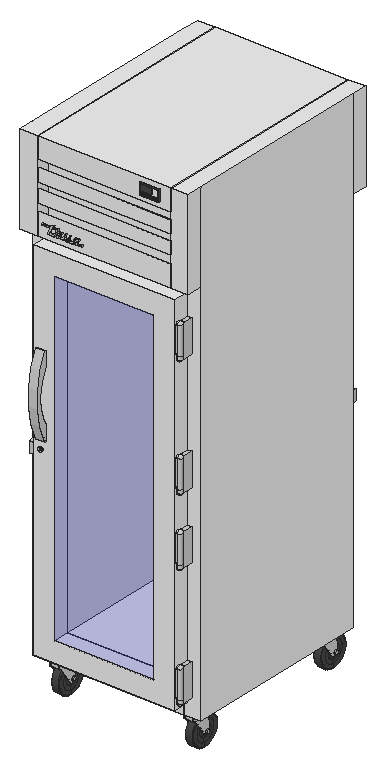
Revit family
Parameters
  Weight in Pounds = 0
  Watts = 1500 W
  Volts = 208 V
  URL Cutsheet = "www.truemfg.com"
  URL = "www.truemfg.com"
  Type Mark [instance] = ""
  Type Comments = ""
  Status [instance] = ""
  Specification by User [instance] = ""
  Specification by Manufacturer = ""
  Show Seismic Flanged [instance] = no
  Show Logo [instance] = yes
  Show Legs [instance] = no
  Show Clearance [instance] = yes
  Serial Number = ""
  Seismic Rating = ""
  Seismic Plate [instance] = and(Show Seismic Flanged, not(Show Casters))  # no
  SMACNA No = ""
  Revision Code [instance] = ""
  Phase = 1
  Omniclass Number and Title = ""
  Number of Poles [instance] = 1
  NAFEM Spec ID Number = ""
  Model = "STA1HPT-1G-1S"
  Min Ckt Ampacity = 0 A
  Max Overcurrent Protection = 0 A
  Masterspec = ""
  Manufacturer = "TRUE FOOD SERVICE EQUIPMENT, INC."
  Length = 27 1/2"
  Legs [instance] = or(Show Legs, Show Seismic Flanged)  # no
  Item Number [instance] = ""
  Installed By [instance] = ""
  Identify Quantity as Lot [instance] = yes
  Height = 77 3/4"
  HP = ""
  Furnished By [instance] = ""
  Foodservice Equipment Identifier [instance] = yes
  FL Amps = Watts / Volts  # 7.21154 A
  Electrical Remarks [instance] = ""
  Electric Connection Type [instance] = ""
  Elec Conn RI Height [instance] = 0"
  Elec Conn Connection Height [instance] = 0"
  Description = "Pass-thru Glass Front /Solid Rear Swing Door Heated Cabinet"
  Depth = 36 1/2"
  Cycle = 60 Hz
  Conn Plug = "5-15P"
  Conn Conduit = yes
  Show Casters [instance] = and(not(if(Show Legs, Show Legs, Show Legs)), not(if(Show Legs, Show Legs, Show Seismic Flanged)))  # yes
  CSI MasterFormat = ""
  CSI Master Format = ""
  Apparent Power = if(Phase = 3, Volts * FL Amps * 1.73, Volts * FL Amps)  # 1500 VA
Reference planes (in)
  plane 1: z = 0
  plane 2 "LEFT": x = 0
  plane 3 "RIGHT": x = 27.5
  plane 4 "FRONT": y = -33.75
  plane 5 "TOP": z = 84.125
  plane 6: z = 6.125
  plane 7: y = 2.75
Forms (in)
  Extrusion 1, solid, material "QF_Finishes_Chrome - Satin"
    sketch origin (0.05, 0, 0) x (1, 0, 0) y (0, 1, 0)
      loop
        line (-0.05, 0) -> (-0.05, -31) -> (2.80938, -31) -> (2.80938, 0) -> (-0.05, 0)
    from 6.125 to 84.125
  Extrusion 2, solid, material "QF_Finishes_Chrome - Satin"
    sketch origin (50.15, 0, 0) x (1, 0, 0) y (0, 1, 0)
      loop
        line (-25.50937, 0) -> (-25.50937, -31) -> (-22.65, -31) -> (-22.65, 0) -> (-25.50937, 0)
    from 6.125 to 84.125
  Extrusion 3, solid, material "QF_Finishes_Chrome - Satin"
    sketch origin (0, 0, 0) x (0, 1, 0) y (0, 0, 1)
      loop
        line (-33.5625, 69.5) -> (-31, 69.5) -> (-31, 64.875) -> (0, 64.875) -> (0, 69.5) -> (2.5625, 69.5) -> (2.5625, 73.1597) -> (0.49784, 71.69166) -> (0.49784, 72.96723) -> (2.5625, 74.43527) -> (2.5625, 76.53148) -> (0.49784, 75.06344) -> (0.49784, 76.0242) -> (2.5625, 77.49224) -> (2.5625, 79.62595) -> (0.49784, 78.15791) -> (0.49784, 79.28018) -> (2.5625, 80.74822) -> (2.5625, 84.125) -> (-33.5625, 84.125) -> (-33.5625, 80.68002) -> (-31.5, 79.21352) -> (-31.5, 78.09125) -> (-33.5625, 79.55776) -> (-33.5625, 77.42405) -> (-31.5, 75.95754) -> (-31.5, 74.99678) -> (-33.5625, 76.46328) -> (-33.5625, 74.36708) -> (-31.5, 72.90057) -> (-31.5, 71.625) -> (-33.5625, 73.09151) -> (-33.5625, 69.5)
      loop
        line (-31, 6.125) -> (0, 6.125) -> (0, 8.94743) -> (-31, 8.94743) -> (-31, 6.125)
    from 2.85938 to 24.64062
  Extrusion 4, solid, material "QF_Finishes_Chrome - Satin"
    sketch origin (0, 0, 0) x (1, 0, 0) y (0, 1, 0)
      loop
        line (27.45312, -31) -> (24.64062, -31) -> (24.64062, -33.5625) -> (27.45312, -33.5625) -> (27.45312, -31)
    from 69.5 to 84.125
  Extrusion 5, solid, material "QF_Finishes_Chrome - Satin"
    sketch origin (-50.125, 0, 0.25) x (1, 0, 0) y (0, 1, 0)
      loop
        line (52.98437, -31) -> (50.17188, -31) -> (50.17188, -33.5625) -> (52.98437, -33.5625) -> (52.98437, -31)
    from 69.25 to 83.875
  Extrusion 6, solid, material "QF_Finishes_Handrails and Railings", visible <- "Show Logo"
    sketch origin (0.33478, 1.08173, -6.73143) x (1, 0, 0) y (0, 0, 1)
      loop
        line (3.46044, 78.46231) -> (3.35478, 78.23573) -> (4.76027, 78.23573)
        arc (4.76027, 78.23573) -> (4.78879, 78.18528) -> (4.76027, 78.13484) r 0.05887
        line (4.76027, 78.13484) -> (4.39369, 77.34872)
        arc (4.39369, 77.34872) -> (4.39051, 77.27591) -> (4.43975, 77.22217) r 0.09523
        line (4.43975, 77.22217) -> (5.33844, 77.22217)
        arc (5.33844, 77.22217) -> (5.45192, 77.25795) -> (5.52436, 77.35235) r 0.19785
        line (5.52436, 77.35235) -> (5.81285, 77.97101) -> (6.0779, 77.97101)
        arc (6.0779, 77.97101) -> (6.14744, 77.94543) -> (6.13737, 77.87203) r 0.05911
        line (6.13737, 77.87203) -> (5.89598, 77.35437)
        arc (5.89598, 77.35437) -> (5.89974, 77.2684) -> (5.97231, 77.22217) r 0.09318
        line (5.97231, 77.22217) -> (6.76198, 77.22217)
        arc (6.76198, 77.22217) -> (6.82249, 77.24419) -> (6.85468, 77.29995) r 0.09412
        arc (6.85468, 77.29995) -> (6.87746, 77.24495) -> (6.93246, 77.22217) r 0.07778
        line (6.93246, 77.22217) -> (7.43246, 77.22217)
        arc (7.43246, 77.22217) -> (7.49022, 77.23765) -> (7.53251, 77.27993) r 0.11552
        arc (7.53251, 77.27993) -> (7.55275, 77.23106) -> (7.60162, 77.21081) r 0.06912
        line (7.60162, 77.21081) -> (8.31225, 77.21081)
        arc (8.31225, 77.21081) -> (8.37034, 77.23488) -> (8.39441, 77.29297) r 0.08216
        arc (8.39441, 77.29297) -> (8.44767, 77.23972) -> (8.52042, 77.22022) r 0.14551
        line (8.52042, 77.22022) -> (9.85158, 77.22022) -> (9.99946, 77.47634) -> (8.65678, 77.47634)
        arc (8.65678, 77.47634) -> (8.61972, 77.50204) -> (8.61834, 77.54711) r 0.05009
        line (8.61834, 77.54711) -> (8.64157, 77.59692)
        arc (8.64157, 77.59692) -> (8.67723, 77.64364) -> (8.73327, 77.66135) r 0.09747
        line (8.73327, 77.66135) -> (9.16485, 77.66135)
        arc (9.16485, 77.66135) -> (9.258, 77.68631) -> (9.32619, 77.7545) r 0.1863
        line (9.32619, 77.7545) -> (9.45119, 77.97101)
        arc (9.45119, 77.97101) -> (9.45119, 78.08657) -> (9.35111, 78.14434) r 0.11556
        line (9.35111, 78.14434) -> (8.89562, 78.14434)
        arc (8.89562, 78.14434) -> (8.7795, 78.12462) -> (8.69849, 78.03912) r 0.18605
        line (8.69849, 78.03912) -> (8.48204, 77.57493)
        arc (8.48204, 77.57493) -> (8.41815, 77.49167) -> (8.31806, 77.46011) r 0.1745
        line (8.31806, 77.46011) -> (7.84559, 77.46011)
        arc (7.84559, 77.46011) -> (7.78903, 77.52184) -> (7.79268, 77.60548) r 0.10939
        line (7.79268, 77.60548) -> (8.04395, 78.14434) -> (7.88403, 78.14434) -> (7.61781, 77.57344)
        arc (7.61781, 77.57344) -> (7.56609, 77.50603) -> (7.48505, 77.48048) r 0.14128
        line (7.48505, 77.48048) -> (7.15925, 77.48048)
        arc (7.15925, 77.48048) -> (7.10419, 77.55223) -> (7.116, 77.64189) r 0.11816
        line (7.116, 77.64189) -> (7.3503, 78.14434) -> (7.18514, 78.14434) -> (6.91546, 77.566)
        arc (6.91546, 77.566) -> (6.85285, 77.50339) -> (6.76733, 77.48048) r 0.17104
        line (6.76733, 77.48048) -> (6.29555, 77.48048)
        arc (6.29555, 77.48048) -> (6.21082, 77.51999) -> (6.20267, 77.61313) r 0.0935
        line (6.20267, 77.61313) -> (6.35774, 77.94569) -> (6.57695, 77.94569)
        arc (6.57695, 77.94569) -> (6.61395, 78.05717) -> (6.69267, 78.14434) r 0.2857
        line (6.69267, 78.14434) -> (5.83605, 78.14434)
        arc (5.83605, 78.14434) -> (5.74086, 78.12324) -> (5.67498, 78.05135) r 0.16212
        line (5.67498, 78.05135) -> (5.44279, 77.55341)
        arc (5.44279, 77.55341) -> (5.3894, 77.50002) -> (5.31647, 77.48048) r 0.14586
        line (5.31647, 77.48048) -> (4.80506, 77.48048)
        arc (4.80506, 77.48048) -> (4.76514, 77.53442) -> (4.77274, 77.60109) r 0.09155
        line (4.77274, 77.60109) -> (5.11018, 78.23573) -> (5.96155, 78.23573) -> (6.06721, 78.46231) -> (5.21584, 78.46231) -> (5.32149, 78.68888) -> (5.01862, 78.68888) -> (4.91297, 78.46231) -> (3.46044, 78.46231)
      loop
        arc (8.83805, 77.93863) -> (8.80119, 77.92875) -> (8.7742, 77.90176) r 0.07373
        line (8.7742, 77.90176) -> (8.75229, 77.83436)
        arc (8.75229, 77.83436) -> (8.76245, 77.80983) -> (8.78699, 77.79966) r 0.0347
        line (8.78699, 77.79966) -> (9.15948, 77.79966)
        arc (9.15948, 77.79966) -> (9.18632, 77.80561) -> (9.20812, 77.82234) r 0.0635
        line (9.20812, 77.82234) -> (9.22624, 77.90622)
        arc (9.22624, 77.90622) -> (9.22091, 77.92868) -> (9.20009, 77.93863) r 0.02676
        line (9.20009, 77.93863) -> (8.83805, 77.93863)
    from 34.64423 to 34.83173
  Extrusion 7, solid
    sketch origin (-25.125, 2.6875, 0) x (1, 0, 0) y (0, 0, 1)
      loop
        circle (49.375, 82) r 0.25
    from 0.23221 to 0.125
  Blend 8, solid, material "QF_Finishes_Handrails and Railings"
    base sketch origin (27.53125, 0.1875, -0.03527) x (-1, 0, 0) y (0, 0, -1)
      loop
        line (25.25, -38.99169) -> (26, -38.99169) -> (26, -37.24169) -> (25.25, -37.24169) -> (25.25, -38.99169)
    top sketch origin (27.53125, 0.1875, -0.03527) x (-1, 0, 0) y (0, 0, -1)
      loop
        line (26.18223, -36.6441) -> (25.25, -36.6441) -> (25.25, -39.42643) -> (26.18223, -39.42643) -> (26.18223, -36.6441)
    from 33.57883 to 31.1875
  Extrusion 9, solid, material "QF_Finishes_Handrails and Railings"
    sketch origin (26.21875, 0.1875, 0) x (0, 1, 0) y (0, 0, -1)
      loop
        line (-31.1875, -64.55229) -> (-31.1875, -59.23627) -> (-33.25, -59.23627) -> (-33.25, -59.94848) -> (-32.81497, -59.94848) -> (-32.81497, -64.34776)
        arc (-32.81497, -64.34776) -> (-32.75506, -64.49238) -> (-32.61044, -64.55229) r 0.20453
        line (-32.61044, -64.55229) -> (-31.1875, -64.55229)
    from 0.17506 to 1
  Revolve 10, solid, material "QF_Finishes_Handrails and Railings"
    sketch origin (25.71875, 0.1875, 0) x (0, 1, 0) y (0, 0, -1)
      loop
        line (-33.26563, -60.00189) -> (-33.67229, -60.00189) -> (-33.67229, -64.4736)
        arc (-33.67229, -64.4736) -> (-33.53722, -64.72557) -> (-33.26563, -64.81483) r 0.3848
        line (-33.26563, -64.81483) -> (-33.26563, -60.00189)
      loop
        line (-33.26563, -59.94848) -> (-33.26563, -59.04781)
        arc (-33.26563, -59.04781) -> (-33.53264, -59.13383) -> (-33.67229, -59.37712) r 0.38884
        line (-33.67229, -59.37712) -> (-33.67229, -59.94848) -> (-33.26563, -59.94848)
      axis (-33.26563, -59.04781) -> (-33.26563, -64.81483)
    angle from 0 to 360
  Extrusion 11, solid, material "QF_Finishes_Handrails and Railings"
    sketch origin (27.53125, 0.1875, 0) x (-1, 0, 0) y (0, 0, -1)
      loop
        line (1.91491, -64.4736) -> (2.3125, -64.4736) -> (2.3125, -60.00079) -> (1.91491, -60.00079) -> (1.91491, -64.4736)
    from 32.81497 to 33.59495
  Extrusion 12, solid, material "QF_Finishes_Handrails and Railings"
    sketch origin (26.21875, 0.1875, -19.5) x (0, 1, 0) y (0, 0, -1)
      loop
        line (-31.1875, -64.55229) -> (-31.1875, -59.23627) -> (-33.25, -59.23627) -> (-33.25, -59.94848) -> (-32.81497, -59.94848) -> (-32.81497, -64.34776)
        arc (-32.81497, -64.34776) -> (-32.75506, -64.49238) -> (-32.61044, -64.55229) r 0.20453
        line (-32.61044, -64.55229) -> (-31.1875, -64.55229)
    from 0.17506 to 1
  Revolve 13, solid, material "QF_Finishes_Handrails and Railings"
    sketch origin (25.71875, 0.1875, -19.5) x (0, 1, 0) y (0, 0, -1)
      loop
        line (-33.26563, -60.00189) -> (-33.67229, -60.00189) -> (-33.67229, -64.4736)
        arc (-33.67229, -64.4736) -> (-33.53722, -64.72557) -> (-33.26563, -64.81483) r 0.3848
        line (-33.26563, -64.81483) -> (-33.26563, -60.00189)
      loop
        line (-33.26563, -59.94848) -> (-33.26563, -59.04781)
        arc (-33.26563, -59.04781) -> (-33.53264, -59.13383) -> (-33.67229, -59.37712) r 0.38884
        line (-33.67229, -59.37712) -> (-33.67229, -59.94848) -> (-33.26563, -59.94848)
      axis (-33.26563, -59.04781) -> (-33.26563, -64.81483)
    angle from 0 to 360
  Extrusion 14, solid, material "QF_Finishes_Handrails and Railings"
    sketch origin (27.53125, 0.1875, -19.5) x (-1, 0, 0) y (0, 0, -1)
      loop
        line (1.91491, -64.4736) -> (2.3125, -64.4736) -> (2.3125, -60.00079) -> (1.91491, -60.00079) -> (1.91491, -64.4736)
    from 32.81497 to 33.59495
  Extrusion 15, solid, material "QF_Finishes_Handrails and Railings"
    sketch origin (26.21875, 0.1875, -30.5) x (0, 1, 0) y (0, 0, -1)
      loop
        line (-31.1875, -64.55229) -> (-31.1875, -59.23627) -> (-33.25, -59.23627) -> (-33.25, -59.94848) -> (-32.81497, -59.94848) -> (-32.81497, -64.34776)
        arc (-32.81497, -64.34776) -> (-32.75506, -64.49238) -> (-32.61044, -64.55229) r 0.20453
        line (-32.61044, -64.55229) -> (-31.1875, -64.55229)
    from 0.17506 to 1
  Revolve 16, solid, material "QF_Finishes_Handrails and Railings"
    sketch origin (25.71875, 0.1875, -30.5) x (0, 1, 0) y (0, 0, -1)
      loop
        line (-33.26563, -60.00189) -> (-33.67229, -60.00189) -> (-33.67229, -64.4736)
        arc (-33.67229, -64.4736) -> (-33.53722, -64.72557) -> (-33.26563, -64.81483) r 0.3848
        line (-33.26563, -64.81483) -> (-33.26563, -60.00189)
      loop
        line (-33.26563, -59.94848) -> (-33.26563, -59.04781)
        arc (-33.26563, -59.04781) -> (-33.53264, -59.13383) -> (-33.67229, -59.37712) r 0.38884
        line (-33.67229, -59.37712) -> (-33.67229, -59.94848) -> (-33.26563, -59.94848)
      axis (-33.26563, -59.04781) -> (-33.26563, -64.81483)
    angle from 0 to 360
  Extrusion 17, solid, material "QF_Finishes_Handrails and Railings"
    sketch origin (27.53125, 0.1875, -30.5) x (-1, 0, 0) y (0, 0, -1)
      loop
        line (1.91491, -64.4736) -> (2.3125, -64.4736) -> (2.3125, -60.00079) -> (1.91491, -60.00079) -> (1.91491, -64.4736)
    from 32.81497 to 33.59495
  Extrusion 18, solid, material "QF_Finishes_Handrails and Railings"
    sketch origin (26.21875, 0.1875, -50.25) x (0, 1, 0) y (0, 0, -1)
      loop
        line (-31.1875, -64.55229) -> (-31.1875, -59.23627) -> (-33.25, -59.23627) -> (-33.25, -59.94848) -> (-32.81497, -59.94848) -> (-32.81497, -64.34776)
        arc (-32.81497, -64.34776) -> (-32.75506, -64.49238) -> (-32.61044, -64.55229) r 0.20453
        line (-32.61044, -64.55229) -> (-31.1875, -64.55229)
    from 0.17506 to 1
  Revolve 19, solid, material "QF_Finishes_Handrails and Railings"
    sketch origin (25.71875, 0.1875, -50.25) x (0, 1, 0) y (0, 0, -1)
      loop
        line (-33.26563, -60.00189) -> (-33.67229, -60.00189) -> (-33.67229, -64.4736)
        arc (-33.67229, -64.4736) -> (-33.53722, -64.72557) -> (-33.26563, -64.81483) r 0.3848
        line (-33.26563, -64.81483) -> (-33.26563, -60.00189)
      loop
        line (-33.26563, -59.94848) -> (-33.26563, -59.04781)
        arc (-33.26563, -59.04781) -> (-33.53264, -59.13383) -> (-33.67229, -59.37712) r 0.38884
        line (-33.67229, -59.37712) -> (-33.67229, -59.94848) -> (-33.26563, -59.94848)
      axis (-33.26563, -59.04781) -> (-33.26563, -64.81483)
    angle from 0 to 360
  Extrusion 20, solid, material "QF_Finishes_Handrails and Railings"
    sketch origin (27.53125, 0.1875, -50.25) x (-1, 0, 0) y (0, 0, -1)
      loop
        line (1.91491, -64.4736) -> (2.3125, -64.4736) -> (2.3125, -60.00079) -> (1.91491, -60.00079) -> (1.91491, -64.4736)
    from 32.81497 to 33.59495
  Revolve 21, solid, material "QF_Finishes_Black", visible <- "Show Casters"
    sketch origin (22.65625, -27.375, 0) x (1, 0, 0) y (0, 0, 1)
      loop
        line (1.475, 5) -> (1.375, 4.9) -> (1.375, 4.29941) -> (1.53601, 4.29941) -> (1.53601, 3.54941) -> (1.375, 3.54941) -> (1.375, 2.79941) -> (0.975, 2.79941) -> (0.975, 2.5) -> (3.025, 2.5) -> (3.025, 2.79941) -> (2.62908, 2.79941) -> (2.62908, 3.54941) -> (2.46399, 3.54941) -> (2.46399, 4.29941) -> (2.62908, 4.29941) -> (2.62908, 4.89592) -> (2.525, 5) -> (1.475, 5)
      axis (3.025, 2.5) -> (0.975, 2.5)
    angle from 0 to 360
  Extrusion 22, solid, material "QF_Finishes_Handrails and Railings", visible <- "Show Casters"
    sketch origin (22.65625, 0, 0) x (0, 1, 0) y (0, 0, 1)
      loop
        line (-29.95136, 5.48574) -> (-29.95136, 4.88089) -> (-29.70136, 4.88089) -> (-27.95216, 2.18736)
        arc (-27.95216, 2.18736) -> (-27.23883, 1.94868) -> (-26.84581, 2.59003) r 0.60416
        line (-26.84581, 2.59003) -> (-27.20136, 5.48574) -> (-29.95136, 5.48574)
      loop
        line (-3.8577, 5.48574) -> (-3.8577, 4.88089) -> (-3.6077, 4.88089) -> (-1.8585, 2.18736)
        arc (-1.8585, 2.18736) -> (-1.14517, 1.94868) -> (-0.75215, 2.59003) r 0.60416
        line (-0.75215, 2.59003) -> (-1.1077, 5.48574) -> (-3.8577, 5.48574)
    from 1.175 to 1.325
  Extrusion 23, solid, material "QF_Finishes_Handrails and Railings", visible <- "Show Casters"
    sketch origin (24.15625, 0, 0) x (0, 1, 0) y (0, 0, 1)
      loop
        line (-29.95136, 5.48574) -> (-29.95136, 4.88089) -> (-29.70136, 4.88089) -> (-27.95216, 2.18736)
        arc (-27.95216, 2.18736) -> (-27.23883, 1.94868) -> (-26.84581, 2.59003) r 0.60416
        line (-26.84581, 2.59003) -> (-27.20136, 5.48574) -> (-29.95136, 5.48574)
      loop
        line (-3.8577, 5.48574) -> (-3.8577, 4.88089) -> (-3.6077, 4.88089) -> (-1.8585, 2.18736)
        arc (-1.8585, 2.18736) -> (-1.14517, 1.94868) -> (-0.75215, 2.59003) r 0.60416
        line (-0.75215, 2.59003) -> (-1.1077, 5.48574) -> (-3.8577, 5.48574)
    from 1.175 to 1.325
  Revolve 24, solid, material "QF_Finishes_Chrome - Satin", visible <- "Show Casters"
    sketch origin (22.65625, -28.57636, -0.5) x (1, 0, 0) y (0, 0, 1)
      loop
        line (2, 5.98574) -> (2, 6.625) -> (0.70293, 6.625) -> (0.70293, 5.98574) -> (2, 5.98574)
      axis (2, 5.98574) -> (2, 6.625)
    angle from 0 to 360
  Revolve 25, solid, material "QF_Finishes_Chrome - Satin", visible <- "Legs"
    sketch origin (22.65625, -2.69102, 0) x (1, 0, 0) y (0, 0, 1)
      loop
        line (2, 6.125) -> (0.66662, 6.125) -> (1.25, 1) -> (1.5, 1) -> (1.5, 0) -> (2, 0) -> (2, 6.125)
      axis (2, 0) -> (2, 6.125)
    angle from 0 to 360
  Revolve 26, solid, material "QF_Finishes_Chrome - Satin", visible <- "Legs"
    sketch origin (22.65625, -28.65977, 0) x (1, 0, 0) y (0, 0, 1)
      loop
        line (2, 6.125) -> (0.66662, 6.125) -> (1.25, 1) -> (1.5, 1) -> (1.5, 0) -> (2, 0) -> (2, 6.125)
      axis (2, 0) -> (2, 6.125)
    angle from 0 to 360
  Revolve 27, solid, material "QF_Finishes_Chrome - Satin", visible <- "Show Casters"
    sketch origin (22.65625, -2.4827, -0.5) x (1, 0, 0) y (0, 0, 1)
      loop
        line (2, 5.98574) -> (2, 6.625) -> (0.70293, 6.625) -> (0.70293, 5.98574) -> (2, 5.98574)
      axis (2, 5.98574) -> (2, 6.625)
    angle from 0 to 360
  Extrusion 28, solid, material "QF_Finishes_Handrails and Railings", visible <- "Show Casters"
    sketch origin (-25.125, 0, 0) x (0, 1, 0) y (0, 0, 1)
      loop
        line (-29.95136, 5.48574) -> (-29.95136, 4.88089) -> (-29.70136, 4.88089) -> (-27.16533, 5.19227) -> (-27.20136, 5.48574) -> (-29.95136, 5.48574)
      loop
        line (-3.8577, 5.48574) -> (-3.8577, 4.88089) -> (-3.6077, 4.88089) -> (-1.07167, 5.19227) -> (-1.1077, 5.48574) -> (-3.8577, 5.48574)
    from 49.10625 to 50.45625
  Revolve 29, solid, material "QF_Finishes_Black", visible <- "Show Casters"
    sketch origin (22.65625, -1.21875, 0) x (1, 0, 0) y (0, 0, 1)
      loop
        line (1.475, 5) -> (1.375, 4.9) -> (1.375, 4.29941) -> (1.53601, 4.29941) -> (1.53601, 3.54941) -> (1.375, 3.54941) -> (1.375, 2.79941) -> (0.975, 2.79941) -> (0.975, 2.5) -> (3.025, 2.5) -> (3.025, 2.79941) -> (2.62908, 2.79941) -> (2.62908, 3.54941) -> (2.46399, 3.54941) -> (2.46399, 4.29941) -> (2.62908, 4.29941) -> (2.62908, 4.89592) -> (2.525, 5) -> (1.475, 5)
      axis (3.025, 2.5) -> (0.975, 2.5)
    angle from 0 to 360
  Revolve 30, solid, material "QF_Finishes_Black", visible <- "Show Casters"
    sketch origin (0.84375, -27.375, 0) x (1, 0, 0) y (0, 0, 1)
      loop
        line (1.475, 5) -> (1.375, 4.9) -> (1.375, 4.29941) -> (1.53601, 4.29941) -> (1.53601, 3.54941) -> (1.375, 3.54941) -> (1.375, 2.79941) -> (0.975, 2.79941) -> (0.975, 2.5) -> (3.025, 2.5) -> (3.025, 2.79941) -> (2.62908, 2.79941) -> (2.62908, 3.54941) -> (2.46399, 3.54941) -> (2.46399, 4.29941) -> (2.62908, 4.29941) -> (2.62908, 4.89592) -> (2.525, 5) -> (1.475, 5)
      axis (3.025, 2.5) -> (0.975, 2.5)
    angle from 0 to 360
  Extrusion 31, solid, material "QF_Finishes_Handrails and Railings", visible <- "Show Casters"
    sketch origin (0.84375, 0, 0) x (0, 1, 0) y (0, 0, 1)
      loop
        line (-29.95136, 5.48574) -> (-29.95136, 4.88089) -> (-29.70136, 4.88089) -> (-27.95216, 2.18736)
        arc (-27.95216, 2.18736) -> (-27.23883, 1.94868) -> (-26.84581, 2.59003) r 0.60416
        line (-26.84581, 2.59003) -> (-27.20136, 5.48574) -> (-29.95136, 5.48574)
      loop
        line (-3.8577, 5.48574) -> (-3.8577, 4.88089) -> (-3.6077, 4.88089) -> (-1.8585, 2.18736)
        arc (-1.8585, 2.18736) -> (-1.14517, 1.94868) -> (-0.75215, 2.59003) r 0.60416
        line (-0.75215, 2.59003) -> (-1.1077, 5.48574) -> (-3.8577, 5.48574)
    from 1.175 to 1.325
  Extrusion 32, solid, material "QF_Finishes_Handrails and Railings", visible <- "Show Casters"
    sketch origin (2.34375, 0, 0) x (0, 1, 0) y (0, 0, 1)
      loop
        line (-29.95136, 5.48574) -> (-29.95136, 4.88089) -> (-29.70136, 4.88089) -> (-27.95216, 2.18736)
        arc (-27.95216, 2.18736) -> (-27.23883, 1.94868) -> (-26.84581, 2.59003) r 0.60416
        line (-26.84581, 2.59003) -> (-27.20136, 5.48574) -> (-29.95136, 5.48574)
      loop
        line (-3.8577, 5.48574) -> (-3.8577, 4.88089) -> (-3.6077, 4.88089) -> (-1.8585, 2.18736)
        arc (-1.8585, 2.18736) -> (-1.14517, 1.94868) -> (-0.75215, 2.59003) r 0.60416
        line (-0.75215, 2.59003) -> (-1.1077, 5.48574) -> (-3.8577, 5.48574)
    from 1.175 to 1.325
  Revolve 33, solid, material "QF_Finishes_Chrome - Satin", visible <- "Show Casters"
    sketch origin (0.84375, -28.57636, -0.5) x (1, 0, 0) y (0, 0, 1)
      loop
        line (2, 5.98574) -> (2, 6.625) -> (0.70293, 6.625) -> (0.70293, 5.98574) -> (2, 5.98574)
      axis (2, 5.98574) -> (2, 6.625)
    angle from 0 to 360
  Revolve 34, solid, material "QF_Finishes_Chrome - Satin", visible <- "Legs"
    sketch origin (0.84375, -2.69102, 0) x (1, 0, 0) y (0, 0, 1)
      loop
        line (2, 6.125) -> (0.66662, 6.125) -> (1.25, 1) -> (1.5, 1) -> (1.5, 0) -> (2, 0) -> (2, 6.125)
      axis (2, 0) -> (2, 6.125)
    angle from 0 to 360
  Revolve 35, solid, material "QF_Finishes_Chrome - Satin", visible <- "Legs"
    sketch origin (0.84375, -28.65977, 0) x (1, 0, 0) y (0, 0, 1)
      loop
        line (2, 6.125) -> (0.66662, 6.125) -> (1.25, 1) -> (1.5, 1) -> (1.5, 0) -> (2, 0) -> (2, 6.125)
      axis (2, 0) -> (2, 6.125)
    angle from 0 to 360
  Revolve 36, solid, material "QF_Finishes_Chrome - Satin", visible <- "Show Casters"
    sketch origin (0.84375, -2.4827, -0.5) x (1, 0, 0) y (0, 0, 1)
      loop
        line (2, 5.98574) -> (2, 6.625) -> (0.70293, 6.625) -> (0.70293, 5.98574) -> (2, 5.98574)
      axis (2, 5.98574) -> (2, 6.625)
    angle from 0 to 360
  Extrusion 37, solid, material "QF_Finishes_Handrails and Railings", visible <- "Show Casters"
    sketch origin (-46.9375, 0, 0) x (0, 1, 0) y (0, 0, 1)
      loop
        line (-29.95136, 5.48574) -> (-29.95136, 4.88089) -> (-29.70136, 4.88089) -> (-27.16533, 5.19227) -> (-27.20136, 5.48574) -> (-29.95136, 5.48574)
      loop
        line (-3.8577, 5.48574) -> (-3.8577, 4.88089) -> (-3.6077, 4.88089) -> (-1.07167, 5.19227) -> (-1.1077, 5.48574) -> (-3.8577, 5.48574)
    from 49.10625 to 50.45625
  Revolve 38, solid, material "QF_Finishes_Black", visible <- "Show Casters"
    sketch origin (0.84375, -1.21875, 0) x (1, 0, 0) y (0, 0, 1)
      loop
        line (1.475, 5) -> (1.375, 4.9) -> (1.375, 4.29941) -> (1.53601, 4.29941) -> (1.53601, 3.54941) -> (1.375, 3.54941) -> (1.375, 2.79941) -> (0.975, 2.79941) -> (0.975, 2.5) -> (3.025, 2.5) -> (3.025, 2.79941) -> (2.62908, 2.79941) -> (2.62908, 3.54941) -> (2.46399, 3.54941) -> (2.46399, 4.29941) -> (2.62908, 4.29941) -> (2.62908, 4.89592) -> (2.525, 5) -> (1.475, 5)
      axis (3.025, 2.5) -> (0.975, 2.5)
    angle from 0 to 360
  Extrusion 39, solid, material "QF_Finishes_Chrome - Satin"
    sketch origin (0, -31.375, 0) x (1, 0, 0) y (0, 1, 0)
      loop
        line (27.45312, 31.375) -> (27.45312, 33.9375) -> (24.64062, 33.9375) -> (24.64062, 31.375) -> (27.45312, 31.375)
    from 69.5 to 84.125
  Extrusion 40, solid, material "QF_Finishes_Chrome - Satin"
    sketch origin (-50.125, -31, 0.25) x (1, 0, 0) y (0, 1, 0)
      loop
        line (52.98437, 31) -> (52.98437, 33.5625) -> (50.17188, 33.5625) -> (50.17188, 31) -> (52.98437, 31)
    from 69.25 to 83.875
  Extrusion 41, solid, material "QF_Finishes_Handrails and Railings"
    sketch origin (1.28125, -31.17295, 0) x (0, -1, 0) y (0, 0, -1)
      loop
        line (-31.17295, -64.55229) -> (-31.17295, -59.23627) -> (-33.25, -59.23627) -> (-33.25, -59.94848) -> (-32.81497, -59.94848) -> (-32.81497, -64.34776)
        arc (-32.81497, -64.34776) -> (-32.75506, -64.49238) -> (-32.61044, -64.55229) r 0.20453
        line (-32.61044, -64.55229) -> (-31.17295, -64.55229)
    from 0.17506 to 1
  Revolve 42, solid, material "QF_Finishes_Handrails and Railings"
    sketch origin (1.78125, -31.17295, 0) x (0, -1, 0) y (0, 0, -1)
      loop
        line (-33.26563, -60.00189) -> (-33.67229, -60.00189) -> (-33.67229, -64.4736)
        arc (-33.67229, -64.4736) -> (-33.53722, -64.72557) -> (-33.26563, -64.81483) r 0.3848
        line (-33.26563, -64.81483) -> (-33.26563, -60.00189)
      loop
        line (-33.26563, -59.94848) -> (-33.26563, -59.04781)
        arc (-33.26563, -59.04781) -> (-33.53264, -59.13383) -> (-33.67229, -59.37712) r 0.38884
        line (-33.67229, -59.37712) -> (-33.67229, -59.94848) -> (-33.26563, -59.94848)
      axis (-33.26563, -59.04781) -> (-33.26563, -64.81483)
    angle from 0 to 360
  Extrusion 43, solid, material "QF_Finishes_Handrails and Railings"
    sketch origin (-0.03125, -31.17295, 0) x (1, 0, 0) y (0, 0, -1)
      loop
        line (1.91491, -64.4736) -> (2.3125, -64.4736) -> (2.3125, -60.00079) -> (1.91491, -60.00079) -> (1.91491, -64.4736)
    from 32.81497 to 33.59495
  Extrusion 44, solid, material "QF_Finishes_Handrails and Railings"
    sketch origin (1.28125, -31.17295, -19.5) x (0, -1, 0) y (0, 0, -1)
      loop
        line (-31.17295, -64.55229) -> (-31.17295, -59.23627) -> (-33.25, -59.23627) -> (-33.25, -59.94848) -> (-32.81497, -59.94848) -> (-32.81497, -64.34776)
        arc (-32.81497, -64.34776) -> (-32.75506, -64.49238) -> (-32.61044, -64.55229) r 0.20453
        line (-32.61044, -64.55229) -> (-31.17295, -64.55229)
    from 0.17506 to 1
  Revolve 45, solid, material "QF_Finishes_Handrails and Railings"
    sketch origin (1.78125, -31.17295, -19.5) x (0, -1, 0) y (0, 0, -1)
      loop
        line (-33.26563, -60.00189) -> (-33.67229, -60.00189) -> (-33.67229, -64.4736)
        arc (-33.67229, -64.4736) -> (-33.53722, -64.72557) -> (-33.26563, -64.81483) r 0.3848
        line (-33.26563, -64.81483) -> (-33.26563, -60.00189)
      loop
        line (-33.26563, -59.94848) -> (-33.26563, -59.04781)
        arc (-33.26563, -59.04781) -> (-33.53264, -59.13383) -> (-33.67229, -59.37712) r 0.38884
        line (-33.67229, -59.37712) -> (-33.67229, -59.94848) -> (-33.26563, -59.94848)
      axis (-33.26563, -59.04781) -> (-33.26563, -64.81483)
    angle from 0 to 360
  Extrusion 46, solid, material "QF_Finishes_Handrails and Railings"
    sketch origin (-0.03125, -31.17295, -19.5) x (1, 0, 0) y (0, 0, -1)
      loop
        line (1.91491, -64.4736) -> (2.3125, -64.4736) -> (2.3125, -60.00079) -> (1.91491, -60.00079) -> (1.91491, -64.4736)
    from 32.81497 to 33.59495
  Extrusion 47, solid, material "QF_Finishes_Handrails and Railings"
    sketch origin (1.28125, -31.17295, -30.5) x (0, -1, 0) y (0, 0, -1)
      loop
        line (-31.17295, -64.55229) -> (-31.17295, -59.23627) -> (-33.25, -59.23627) -> (-33.25, -59.94848) -> (-32.81497, -59.94848) -> (-32.81497, -64.34776)
        arc (-32.81497, -64.34776) -> (-32.75506, -64.49238) -> (-32.61044, -64.55229) r 0.20453
        line (-32.61044, -64.55229) -> (-31.17295, -64.55229)
    from 0.17506 to 1
  Revolve 48, solid, material "QF_Finishes_Handrails and Railings"
    sketch origin (1.78125, -31.17295, -30.5) x (0, -1, 0) y (0, 0, -1)
      loop
        line (-33.26563, -60.00189) -> (-33.67229, -60.00189) -> (-33.67229, -64.4736)
        arc (-33.67229, -64.4736) -> (-33.53722, -64.72557) -> (-33.26563, -64.81483) r 0.3848
        line (-33.26563, -64.81483) -> (-33.26563, -60.00189)
      loop
        line (-33.26563, -59.94848) -> (-33.26563, -59.04781)
        arc (-33.26563, -59.04781) -> (-33.53264, -59.13383) -> (-33.67229, -59.37712) r 0.38884
        line (-33.67229, -59.37712) -> (-33.67229, -59.94848) -> (-33.26563, -59.94848)
      axis (-33.26563, -59.04781) -> (-33.26563, -64.81483)
    angle from 0 to 360
  Extrusion 49, solid, material "QF_Finishes_Handrails and Railings"
    sketch origin (-0.03125, -31.17295, -30.5) x (1, 0, 0) y (0, 0, -1)
      loop
        line (1.91491, -64.4736) -> (2.3125, -64.4736) -> (2.3125, -60.00079) -> (1.91491, -60.00079) -> (1.91491, -64.4736)
    from 32.81497 to 33.59495
  Extrusion 50, solid, material "QF_Finishes_Handrails and Railings"
    sketch origin (1.28125, -31.17295, -50.25) x (0, -1, 0) y (0, 0, -1)
      loop
        line (-31.17295, -64.55229) -> (-31.17295, -59.23627) -> (-33.25, -59.23627) -> (-33.25, -59.94848) -> (-32.81497, -59.94848) -> (-32.81497, -64.34776)
        arc (-32.81497, -64.34776) -> (-32.75506, -64.49238) -> (-32.61044, -64.55229) r 0.20453
        line (-32.61044, -64.55229) -> (-31.17295, -64.55229)
    from 0.17506 to 1
  Revolve 51, solid, material "QF_Finishes_Handrails and Railings"
    sketch origin (1.78125, -31.17295, -50.25) x (0, -1, 0) y (0, 0, -1)
      loop
        line (-33.26563, -60.00189) -> (-33.67229, -60.00189) -> (-33.67229, -64.4736)
        arc (-33.67229, -64.4736) -> (-33.53722, -64.72557) -> (-33.26563, -64.81483) r 0.3848
        line (-33.26563, -64.81483) -> (-33.26563, -60.00189)
      loop
        line (-33.26563, -59.94848) -> (-33.26563, -59.04781)
        arc (-33.26563, -59.04781) -> (-33.53264, -59.13383) -> (-33.67229, -59.37712) r 0.38884
        line (-33.67229, -59.37712) -> (-33.67229, -59.94848) -> (-33.26563, -59.94848)
      axis (-33.26563, -59.04781) -> (-33.26563, -64.81483)
    angle from 0 to 360
  Extrusion 52, solid, material "QF_Finishes_Handrails and Railings"
    sketch origin (-0.03125, -31.17295, -50.25) x (1, 0, 0) y (0, 0, -1)
      loop
        line (1.91491, -64.4736) -> (2.3125, -64.4736) -> (2.3125, -60.00079) -> (1.91491, -60.00079) -> (1.91491, -64.4736)
    from 32.81497 to 33.59495
  Blend 53, solid, material "QF_Finishes_Handrails and Railings"
    base sketch origin (-0.03125, -31.17295, 0.48974) x (1, 0, 0) y (0, 0, -1)
      loop
        line (25.25, -38.99169) -> (26, -38.99169) -> (26, -37.24169) -> (25.25, -37.24169) -> (25.25, -38.99169)
    top sketch origin (-0.03125, -31.17295, 0.48974) x (1, 0, 0) y (0, 0, -1)
      loop
        line (26.18223, -36.6441) -> (25.25, -36.6441) -> (25.25, -39.42643) -> (26.18223, -39.42643) -> (26.18223, -36.6441)
    from 33.57883 to 31.17295
  Extrusion 54, solid, material "QF_Finishes_White"
    sketch origin (-23.16691, 1.06376, 1.58022) x (1, 0, 0) y (0, 0, 1)
      loop
        line (42.94232, 81.73227) -> (42.94232, 79.98496) -> (45.84857, 79.98496) -> (45.84857, 81.73227) -> (42.94232, 81.73227)
    from 34.62626 to 34.72001
  Extrusion 55, solid, material "QF_Finishes_Black"
    sketch origin (-23.16691, 1.06376, 1.58022) x (1, 0, 0) y (0, 0, 1)
      loop
        line (45.91107, 81.79477) -> (42.87982, 81.79477) -> (42.87982, 79.92246) -> (45.91107, 79.92246) -> (45.91107, 81.79477)
      loop
        spline (43.07982, 80.25372) -> (43.08833, 80.23754) -> (43.11331, 80.22247) -> (43.15304, 80.20952) -> (43.20482, 80.19959) -> (43.26511, 80.19335) -> (43.32982, 80.19122) -> (43.39452, 80.19335) -> (43.45482, 80.19959) -> (43.50659, 80.20952) -> (43.54632, 80.22247) -> (43.5713, 80.23754) -> (43.57982, 80.25372)
        spline (43.57982, 80.25372) -> (43.5713, 80.26989) -> (43.54632, 80.28497) -> (43.50659, 80.29791) -> (43.45482, 80.30784) -> (43.39452, 80.31409) -> (43.32982, 80.31622) -> (43.26511, 80.31409) -> (43.20482, 80.30784) -> (43.15304, 80.29791) -> (43.11331, 80.28497) -> (43.08833, 80.26989) -> (43.07982, 80.25372)
      loop
        spline (43.77583, 80.25372) -> (43.78435, 80.23754) -> (43.80932, 80.22247) -> (43.84905, 80.20952) -> (43.90083, 80.19959) -> (43.96112, 80.19335) -> (44.02583, 80.19122) -> (44.09053, 80.19335) -> (44.15083, 80.19959) -> (44.20261, 80.20952) -> (44.24234, 80.22247) -> (44.26731, 80.23754) -> (44.27583, 80.25372)
        spline (44.27583, 80.25372) -> (44.26731, 80.26989) -> (44.24234, 80.28497) -> (44.20261, 80.29791) -> (44.15083, 80.30784) -> (44.09053, 80.31409) -> (44.02583, 80.31622) -> (43.96112, 80.31409) -> (43.90083, 80.30784) -> (43.84905, 80.29791) -> (43.80932, 80.28497) -> (43.78435, 80.26989) -> (43.77583, 80.25372)
      loop
        spline (44.52583, 80.25372) -> (44.53435, 80.23754) -> (44.55932, 80.22247) -> (44.59905, 80.20952) -> (44.65083, 80.19959) -> (44.71112, 80.19335) -> (44.77583, 80.19122) -> (44.84053, 80.19335) -> (44.90083, 80.19959) -> (44.95261, 80.20952) -> (44.99234, 80.22247) -> (45.01731, 80.23754) -> (45.02583, 80.25372)
        spline (45.02583, 80.25372) -> (45.01731, 80.26989) -> (44.99234, 80.28497) -> (44.95261, 80.29791) -> (44.90083, 80.30784) -> (44.84053, 80.31409) -> (44.77583, 80.31622) -> (44.71112, 80.31409) -> (44.65083, 80.30784) -> (44.59905, 80.29791) -> (44.55932, 80.28497) -> (44.53435, 80.26989) -> (44.52583, 80.25372)
      loop
        line (43.07981, 81.59478) -> (43.07981, 80.59478) -> (44.77933, 80.59478) -> (44.77933, 81.59478) -> (43.07981, 81.59478)
      loop
        line (45.84857, 81.73227) -> (42.94232, 81.73227) -> (42.94232, 79.98496) -> (45.84857, 79.98496) -> (45.84857, 81.73227)
      loop
        spline (45.27583, 80.25372) -> (45.28435, 80.23754) -> (45.30932, 80.22247) -> (45.34905, 80.20952) -> (45.40083, 80.19959) -> (45.46112, 80.19335) -> (45.52583, 80.19122) -> (45.59053, 80.19335) -> (45.65083, 80.19959) -> (45.70261, 80.20952) -> (45.74234, 80.22247) -> (45.76731, 80.23754) -> (45.77583, 80.25372)
        spline (45.77583, 80.25372) -> (45.76731, 80.26989) -> (45.74234, 80.28497) -> (45.70261, 80.29791) -> (45.65083, 80.30784) -> (45.59053, 80.31409) -> (45.52583, 80.31622) -> (45.46112, 80.31409) -> (45.40083, 80.30784) -> (45.34905, 80.29791) -> (45.30932, 80.28497) -> (45.28435, 80.26989) -> (45.27583, 80.25372)
    from 34.62626 to 34.81376
  Extrusion 56, solid, material "QF_Finishes_Door Clearance", visible <- "Show Clearance", detail levels coarse
    sketch origin (26.42841, -3.6098, 0) x (1, 0, 0) y (0, 1, 0)
      loop
        line (-1.20966, -29.9527) -> (-24.14716, -29.9527)
        arc (-24.14716, -29.9527) -> (-17.47008, -46.2405) -> (-1.20966, -52.98395) r 22.91074
        line (-1.20966, -52.98395) -> (-1.20966, -29.9527)
      loop
        line (-24.14716, 6.1723) -> (-1.20966, 6.1723)
        arc (-1.20966, 6.1723) -> (-7.88967, 22.45717) -> (-24.14716, 29.20355) r 22.92064
        line (-24.14716, 29.20355) -> (-24.14716, 6.1723)
    from 8.03125 to 67.96875
  Extrusion 57, solid, material "QF_Finishes_Chrome - Satin"
    sketch origin (-25.125, -31, -0.71875) x (1, 0, 0) y (0, 0, -1)
      loop
        line (27.40625, -68.6875) -> (50.34375, -68.6875) -> (50.34375, -8.75) -> (27.40625, -8.75) -> (27.40625, -68.6875)
    from 31 to 33.5625
  Extrusion 58, solid, material "QF_Finishes_Chrome - Satin"
    sketch origin (-25.125, 0.1417, -0.71875) x (1, 0, 0) y (0, 0, 1)
      loop
        line (27.40625, 8.75) -> (50.34375, 8.75) -> (50.34375, 68.6875) -> (27.40625, 68.6875) -> (27.40625, 8.75)
      loop
        line (30.75, 65.34375) -> (30.75, 12.09375) -> (47, 12.09375) -> (47, 65.34375) -> (30.75, 65.34375)
    from 31.1417 to 33.7042
  Extrusion 59, solid, material "Glass"
    sketch origin (-25.125, 0.1417, -0.71875) x (1, 0, 0) y (0, 0, 1)
      loop
        line (47, 65.34375) -> (30.75, 65.34375) -> (30.75, 12.09375) -> (47, 12.09375) -> (47, 65.34375)
    from 31.1417 to 33.7042
  Extrusion 60, solid, material "QF_Finishes_Handrails and Railings"
    sketch origin (-33.325, -30.9375, 26.37269) x (-1, 0, 0) y (0, -1, 0)
      loop
        line (-53.875, -33.5) -> (-53.875, -33.7122)
        arc (-53.875, -33.7122) -> (-47.075, -35.15625) -> (-40.275, -33.7122) r 16.7325
        line (-40.275, -33.7122) -> (-40.275, -33.5) -> (-42.65351, -33.5)
        arc (-42.65351, -33.5) -> (-47.075, -34.67036) -> (-51.49649, -33.5) r 8.93715
        line (-51.49649, -33.5) -> (-53.875, -33.5)
    from 10.87731 to 12.37731
  Extrusion 61, solid, material "QF_Finishes_Handrails and Railings"
    sketch origin (50.875, -31.19658, -2.0625) x (-1, 0, 0) y (0, 0, 1)
      loop
        circle (26.4375, 40.0625) r 0.35
      loop
        line (26.47265, 40.33635) -> (26.41715, 40.33635) -> (26.41715, 39.76895) -> (26.47265, 39.76895) -> (26.47265, 40.33635)
    from 33.75908 to 33.82158
  Extrusion 62, solid, material "QF_Finishes_Handrails and Railings"
    sketch origin (-8.15856, 0.3125, 93.525) x (0, 1, 0) y (0, 0, 1)
      loop
        line (-33.875, -53.59776) -> (-33.875, -51.21182)
        arc (-33.875, -51.21182) -> (-35.04878, -46.93638) -> (-33.875, -42.66095) r 8.37343
        line (-33.875, -42.66095) -> (-33.875, -40.275) -> (-34.08333, -40.275)
        arc (-34.08333, -40.275) -> (-35.53125, -46.93638) -> (-34.08333, -53.59776) r 16.04729
        line (-34.08333, -53.59776) -> (-33.875, -53.59776)
    from 10.87731 to 12.37731
  Extrusion 63, solid, material "QF_Finishes_Handrails and Railings"
    sketch origin (-23.0625, 0.17368, -1.51026) x (1, 0, 0) y (0, 0, 1)
      loop
        circle (26.4375, 40.0625) r 0.35
      loop
        line (26.47265, 40.33635) -> (26.41715, 40.33635) -> (26.41715, 39.76895) -> (26.47265, 39.76895) -> (26.47265, 40.33635)
    from 33.73618 to 33.79868
  Extrusion 64, solid, material "QF_Finishes_Chrome - Satin", visible <- "Seismic Plate"
    sketch origin (-0.22541, -26.96562, 0) x (1, 0, 0) y (0, 1, 0)
      loop
        circle (3.06916, -1.69416) r 1.5
    from 0 to 0.25
  Extrusion 65, solid, material "QF_Finishes_Chrome - Satin", visible <- "Seismic Plate"
    sketch origin (-0.22541, -0.99687, 0) x (1, 0, 0) y (0, 1, 0)
      loop
        circle (3.06916, -1.69416) r 1.5
    from 0 to 0.25
  Extrusion 66, solid, material "QF_Finishes_Chrome - Satin", visible <- "Seismic Plate"
    sketch origin (21.58709, -0.99687, 0) x (1, 0, 0) y (0, 1, 0)
      loop
        circle (3.06916, -1.69416) r 1.5
    from 0 to 0.25
  Extrusion 67, solid, material "QF_Finishes_Chrome - Satin", visible <- "Seismic Plate"
    sketch origin (21.58709, -26.96562, 0) x (1, 0, 0) y (0, 1, 0)
      loop
        circle (3.06916, -1.69416) r 1.5
    from 0 to 0.25
Cuts and joins
  joined: Extrusion 1, Extrusion 2, Extrusion 4, Extrusion 5, Extrusion 39, Extrusion 40
Lines and regions (in)
  symbolic lines
    curve 1: line (0, 0, 0) -> (27.5, 0, 0)
    curve 2: line (0, -33.5625, 0) -> (0, 2.5625, 0)
    curve 3: line (27.5, -33.5625, 0) -> (0, -33.5625, 0)
    curve 4: line (27.5, 2.5625, 0) -> (27.5, -33.5625, 0)
    curve 5: line (27.5, -31, 0) -> (0, -31, 0)
    curve 7: line (0, 2.5625, 0) -> (27.5, 2.5625, 0)
    curve 8: line (3.68957, -33.75, 0) -> (10.33424, -33.75, 0)
    curve 9: line (3.68957, -33.5625, 0) -> (3.68957, -33.75, 0)
    curve 10: line (10.33424, -33.5625, 0) -> (10.33424, -33.75, 0)
    curve 11: line (19.7129, -33.5625, 0) -> (19.7129, -33.75, 0)
    curve 12: line (22.74415, -33.75, 0) -> (22.74415, -33.5625, 0)
    curve 13: line (19.7129, -33.75, 0) -> (22.74415, -33.75, 0)
    curve 14: line (23.81043, 2.75, 0) -> (17.16576, 2.75, 0)
    curve 15: line (23.81043, 2.5625, 0) -> (23.81043, 2.75, 0)
    curve 16: line (17.16576, 2.5625, 0) -> (17.16576, 2.75, 0)
    curve 36: arc (20.55, 2.7747, 0) -> (13.75, 4.21875, 0) -> (6.95, 2.7747, 0) r 16.7325
    curve 37: arc (9.32851, 2.5625, 0) -> (13.55281, 3.73068, 0) -> (17.82454, 2.75, 0) r 8.93715
    curve 38: line (6.95, 2.7747, 0) -> (6.95, 2.5625, 0)
    curve 39: line (4.21875, -35.21875, 0) -> (4.21875, -33.5625, 0)
    curve 40: line (4.21875, -35.21875, 0) -> (2.71875, -35.21875, 0)
    curve 41: line (2.71875, -35.21875, 0) -> (2.71875, -33.5625, 0)
    curve 42: line (2.71875, -33.77083, 0) -> (4.21875, -33.77083, 0)
  symbolic lines, style "QF_Door Swings", visible <- "Show Clearance", detail levels coarse
    curve 6: line (25.21875, -33.5625, 0) -> (25.21875, -56.59375, 0)
    curve 33: arc (25.21875, -56.59375, 0) -> (8.95833, -49.85029, 0) -> (2.28125, -33.5625, 0) r 22.91074
    curve 34: line (2.28125, 2.5625, 0) -> (2.28125, 25.59375, 0)
    curve 35: arc (2.28125, 25.59375, 0) -> (18.53874, 18.84737, 0) -> (25.21875, 2.5625, 0) r 22.92064
  symbolic lines, style "SpecialityEquipmentHiddenLines", visible <- "Show Casters"
    curve 17: line (3.55276, -24.89642, 0) -> (4.63882, -25.52346, 0)
    curve 18: line (1.05276, -29.22654, 0) -> (3.55276, -24.89642, 0)
    curve 19: line (2.13882, -29.85358, 0) -> (1.05276, -29.22654, 0)
    curve 20: line (4.63882, -25.52346, 0) -> (2.13882, -29.85358, 0)
    curve 21: line (25.36526, -24.89642, 0) -> (26.45132, -25.52346, 0)
    curve 22: line (22.86526, -29.22654, 0) -> (25.36526, -24.89642, 0)
    curve 23: line (23.95132, -29.85358, 0) -> (22.86526, -29.22654, 0)
    curve 24: line (26.45132, -25.52346, 0) -> (23.95132, -29.85358, 0)
    curve 25: line (3.55276, -1.14642, 0) -> (4.63882, -1.77346, 0)
    curve 26: line (1.05276, -5.47654, 0) -> (3.55276, -1.14642, 0)
    curve 27: line (2.13882, -6.10358, 0) -> (1.05276, -5.47654, 0)
    curve 28: line (4.63882, -1.77346, 0) -> (2.13882, -6.10358, 0)
    curve 29: line (25.36526, -1.14642, 0) -> (26.45132, -1.77346, 0)
    curve 30: line (22.86526, -5.47654, 0) -> (25.36526, -1.14642, 0)
    curve 31: line (23.95132, -6.10358, 0) -> (22.86526, -5.47654, 0)
    curve 32: line (26.45132, -1.77346, 0) -> (23.95132, -6.10358, 0)
Dimensions and locks (in)
  plane 6 to level = 6 1/8"
  plane 5 "TOP" to level = 84 1/8"
  plane 5 "TOP" to plane 6 = 78"
  "Length": plane 2 "LEFT" to plane 3 "RIGHT"
  "Depth": plane 4 "FRONT" to plane 7
  plane 3 "RIGHT" to plane 2 "LEFT" = 27 1/2"  (x2)
  cut or joined group of Extrusion 1, Extrusion 2, Extrusion 4, Extrusion 5, Extrusion 39, Extrusion 40 to cut or joined group of Extrusion 1, Extrusion 2, Extrusion 4, Extrusion 5, Extrusion 39, Extrusion 40 = 2 13/16"  (x2)
  locked: cut or joined group of Extrusion 1, Extrusion 2, Extrusion 4, Extrusion 5, Extrusion 39, Extrusion 40 to cut or joined group of Extrusion 1, Extrusion 2, Extrusion 4, Extrusion 5, Extrusion 39, Extrusion 40 at 27.40625
  plane 4 "FRONT" to plane 7 = 36 1/2"
  cut or joined group of Extrusion 1, Extrusion 2, Extrusion 4, Extrusion 5, Extrusion 39, Extrusion 40 to cut or joined group of Extrusion 1, Extrusion 2, Extrusion 4, Extrusion 5, Extrusion 39, Extrusion 40 = 31"
  Extrusion 58 to Extrusion 58 = 22 15/16"
  Extrusion 57 to Extrusion 57 = 22 15/16"
  cut or joined group of Extrusion 1, Extrusion 2, Extrusion 4, Extrusion 5, Extrusion 39, Extrusion 40 to cut or joined group of Extrusion 1, Extrusion 2, Extrusion 4, Extrusion 5, Extrusion 39, Extrusion 40 = 27 13/32"
  Extrusion 60 to Extrusion 57 = 29 7/32"
  Extrusion 57 to Extrusion 60 = 29 7/32"
  aligned and locked: level to plane 1
Automatic sketch dimensions
  Extrusion 1 sketch curve to plane 2 "LEFT" = 0"
  plane 2 "LEFT" to Extrusion 1 sketch curve = 2 55/64"
  Extrusion 1 sketch curve to plane 4 "FRONT" = 2 3/4"
  plane 7 to Extrusion 1 sketch curve = 2 3/4"
  Extrusion 2 sketch curve to plane 3 "RIGHT" = 0"
  Extrusion 2 sketch curve to plane 3 "RIGHT" = 2 55/64"
  Extrusion 2 sketch curve to plane 4 "FRONT" = 2 3/4"
  plane 7 to Extrusion 2 sketch curve = 2 3/4"
  Extrusion 3 sketch curve to plane 5 "TOP" = 0"
  Extrusion 3 sketch curve to plane 4 "FRONT" = 3/16"  (x4)
  Extrusion 3 sketch curve to plane 4 "FRONT" = 2 1/4"
  Extrusion 3 sketch curve to Extrusion 3 sketch curve = 0"  (x3)
  Extrusion 3 sketch curve to plane 6 = 0"
  Extrusion 3 sketch curve to plane 4 "FRONT" = 2 3/4"
  Extrusion 3 sketch curve to Extrusion 3 sketch curve = 1/2"
  plane 7 to Extrusion 3 sketch curve = 2 3/4"  (x2)
  plane 7 to Extrusion 3 sketch curve = 2.25216"  (x2)
  plane 7 to Extrusion 3 sketch curve = 3/16"  (x4)
  plane 6 to Extrusion 3 sketch curve = 2.82243"
  Extrusion 3 sketch curve to plane 5 "TOP" = 19 1/4"
  Extrusion 3 sketch curve to Extrusion 3 sketch curve = 4 5/8"  (x2)
  Extrusion 3 sketch curve to Extrusion 3 sketch curve = 2 1/8"
  Extrusion 3 sketch curve to Extrusion 3 sketch curve = 2.19166"
  Extrusion 3 sketch curve to Extrusion 3 sketch curve = 1.27557"  (x4)
  Extrusion 3 sketch curve to Extrusion 3 sketch curve = 0.19093"
  Extrusion 3 sketch curve to Extrusion 3 sketch curve = 0.19247"
  Extrusion 3 sketch curve to Extrusion 3 sketch curve = 2.0962"  (x4)
  Extrusion 3 sketch curve to Extrusion 3 sketch curve = 0.96076"  (x4)
  Extrusion 3 sketch curve to Extrusion 3 sketch curve = 2.13371"  (x2)
  Extrusion 3 sketch curve to Extrusion 3 sketch curve = 1.12227"  (x4)
  Extrusion 3 sketch curve to Extrusion 3 sketch curve = 0.34424"
  Extrusion 3 sketch curve to Extrusion 3 sketch curve = 0.34577"
  Extrusion 4 sketch curve to plane 3 "RIGHT" = 2 55/64"
  Extrusion 4 sketch curve to plane 3 "RIGHT" = 3/64"
  Extrusion 4 sketch curve to plane 4 "FRONT" = 3/16"
  Extrusion 4 sketch curve to Extrusion 4 sketch curve = 2 9/16"
  plane 2 "LEFT" to Extrusion 5 sketch curve = 3/64"
  Extrusion 5 sketch curve to plane 4 "FRONT" = 3/16"
  Extrusion 5 sketch curve to Extrusion 5 sketch curve = 2 13/16"
  Extrusion 5 sketch curve to Extrusion 5 sketch curve = 2 9/16"
  plane 2 "LEFT" to Extrusion 6 sketch curve = 3.68957"
  Extrusion 6 sketch curve to Extrusion 6 sketch curve = 0.10565"  (x5)
  Extrusion 6 sketch curve to Extrusion 6 sketch curve = 1.03891"
  Extrusion 6 sketch curve to Extrusion 6 sketch curve = 0.04606"
  Extrusion 6 sketch curve to Extrusion 6 sketch curve = 0.04025"
  Extrusion 6 sketch curve to Extrusion 6 sketch curve = 0.33624"
  Extrusion 6 sketch curve to Extrusion 6 sketch curve = 0.03034"  (x2)
  Extrusion 6 sketch curve to Extrusion 6 sketch curve = 0.29274"
  Extrusion 6 sketch curve to Extrusion 6 sketch curve = 0.03232"
  Extrusion 6 sketch curve to Extrusion 6 sketch curve = 0.08083"
  Extrusion 6 sketch curve to Extrusion 6 sketch curve = 0.1527"
  Extrusion 6 sketch curve to Extrusion 6 sketch curve = 0.19721"
  Extrusion 6 sketch curve to Extrusion 6 sketch curve = 0.4629"
  Extrusion 6 sketch curve to Extrusion 6 sketch curve = 0.02197"
  Extrusion 6 sketch curve to Extrusion 6 sketch curve = 0.12632"
  Extrusion 6 sketch curve to Extrusion 6 sketch curve = 0.18591"
  Extrusion 6 sketch curve to Extrusion 6 sketch curve = 0.2322"
  Extrusion 6 sketch curve to Extrusion 6 sketch curve = 0.13786"
  Extrusion 6 sketch curve to Extrusion 6 sketch curve = 0.00907"
  Extrusion 6 sketch curve to Extrusion 6 sketch curve = 0.01413"
  Extrusion 6 sketch curve to Extrusion 6 sketch curve = 0.37162"
  Extrusion 6 sketch curve to Extrusion 6 sketch curve = 0.12551"
  Extrusion 6 sketch curve to Extrusion 6 sketch curve = 0.07633"
  Extrusion 6 sketch curve to Extrusion 6 sketch curve = 0.08445"
  Extrusion 6 sketch curve to Extrusion 6 sketch curve = 0.25598"
  Extrusion 6 sketch curve to Extrusion 6 sketch curve = 0.01887"
  Extrusion 6 sketch curve to Extrusion 6 sketch curve = 0.04061"
  Extrusion 6 sketch curve to Extrusion 6 sketch curve = 0.0653"
  Extrusion 6 sketch curve to Extrusion 6 sketch curve = 0.08474"
  Extrusion 6 sketch curve to Extrusion 6 sketch curve = 0.00815"
  Extrusion 6 sketch curve to Extrusion 6 sketch curve = 0.22037"
  Extrusion 6 sketch curve to Extrusion 6 sketch curve = 0.21921"
  Extrusion 6 sketch curve to Extrusion 6 sketch curve = 0.11572"
  Extrusion 6 sketch curve to Extrusion 6 sketch curve = 0.46643"
  Extrusion 6 sketch curve to Extrusion 6 sketch curve = 0.00535"
  Extrusion 6 sketch curve to Extrusion 6 sketch curve = 0.09269"
  Extrusion 6 sketch curve to Extrusion 6 sketch curve = 0.09348"
  Extrusion 6 sketch curve to Extrusion 6 sketch curve = 0.14812"
  Extrusion 6 sketch curve to Extrusion 6 sketch curve = 0.07778"  (x3)
  Extrusion 6 sketch curve to Extrusion 6 sketch curve = 0.20054"
  Extrusion 6 sketch curve to Extrusion 6 sketch curve = 0.04325"
  Extrusion 6 sketch curve to Extrusion 6 sketch curve = 0.32433"
  Extrusion 6 sketch curve to Extrusion 6 sketch curve = 0.10233"  (x2)
  Extrusion 6 sketch curve to Extrusion 6 sketch curve = 0.16515"
  Extrusion 6 sketch curve to Extrusion 6 sketch curve = 0.27321"
  Extrusion 6 sketch curve to Extrusion 6 sketch curve = 0.0526"
  Extrusion 6 sketch curve to Extrusion 6 sketch curve = 0.10005"
  Extrusion 6 sketch curve to Extrusion 6 sketch curve = 0.06912"
  Extrusion 6 sketch curve to Extrusion 6 sketch curve = 0.13276"
  Extrusion 6 sketch curve to Extrusion 6 sketch curve = 0.17486"
  Extrusion 6 sketch curve to Extrusion 6 sketch curve = 0.05291"
  Extrusion 6 sketch curve to Extrusion 6 sketch curve = 0.53374"
  Extrusion 6 sketch curve to Extrusion 6 sketch curve = 0.09914"  (x2)
  Extrusion 6 sketch curve to Extrusion 6 sketch curve = 0.15992"
  Extrusion 6 sketch curve to Extrusion 6 sketch curve = 0.46666"
  Extrusion 6 sketch curve to Extrusion 6 sketch curve = 0.00582"
  Extrusion 6 sketch curve to Extrusion 6 sketch curve = 0.08216"
  Extrusion 6 sketch curve to Extrusion 6 sketch curve = 0.16397"
  Extrusion 6 sketch curve to Extrusion 6 sketch curve = 0.12601"
  Extrusion 6 sketch curve to Extrusion 6 sketch curve = 0.1363"
  Extrusion 6 sketch curve to Extrusion 6 sketch curve = 0.02323"
  Extrusion 6 sketch curve to Extrusion 6 sketch curve = 0.03844"
  Extrusion 6 sketch curve to Extrusion 6 sketch curve = 0.0454"
  Extrusion 6 sketch curve to Extrusion 6 sketch curve = 0.05693"
  Extrusion 6 sketch curve to Extrusion 6 sketch curve = 0.0917"
  Extrusion 6 sketch curve to Extrusion 6 sketch curve = 0.01902"
  Extrusion 6 sketch curve to Extrusion 6 sketch curve = 0.02191"
  Extrusion 6 sketch curve to Extrusion 6 sketch curve = 0.0347"
  Extrusion 6 sketch curve to Extrusion 6 sketch curve = 0.06385"
  Extrusion 6 sketch curve to Extrusion 6 sketch curve = 0.02906"
  Extrusion 6 sketch curve to Extrusion 6 sketch curve = 0.02851"
  Extrusion 6 sketch curve to Extrusion 6 sketch curve = 0.29237"
  Extrusion 6 sketch curve to Extrusion 6 sketch curve = 0.00537"
  Extrusion 6 sketch curve to Extrusion 6 sketch curve = 0.0406"
  Extrusion 6 sketch curve to Extrusion 6 sketch curve = 0.04327"
  Extrusion 6 sketch curve to Extrusion 6 sketch curve = 0.02615"
  Extrusion 6 sketch curve to Extrusion 6 sketch curve = 0.11806"
  Extrusion 6 sketch curve to Extrusion 6 sketch curve = 0.15103"
  Extrusion 6 sketch curve to Extrusion 6 sketch curve = 0.10007"
  Extrusion 6 sketch curve to Extrusion 6 sketch curve = 0.5254"
  Extrusion 6 sketch curve to Extrusion 6 sketch curve = 0.14787"
  Extrusion 6 sketch curve to plane 5 "TOP" = 13.64562"
  Extrusion 6 sketch curve to Extrusion 6 sketch curve = 0.07275"
  Extrusion 6 sketch curve to Extrusion 6 sketch curve = 0.05776"
  Extrusion 6 sketch curve to Extrusion 6 sketch curve = 0.08631"
  Extrusion 6 sketch curve to Extrusion 6 sketch curve = 0.09282"
  Extrusion 6 sketch curve to Extrusion 6 sketch curve = 0.13018"
  Extrusion 6 sketch curve to Extrusion 6 sketch curve = 0.16714"
  Extrusion 6 sketch curve to Extrusion 6 sketch curve = 0.11061"
  Extrusion 6 sketch curve to Extrusion 6 sketch curve = 0.06046"
  Extrusion 6 sketch curve to Extrusion 6 sketch curve = 0.16548"
  Extrusion 6 sketch curve to Extrusion 6 sketch curve = 0.14279"
  Extrusion 6 sketch curve to Extrusion 6 sketch curve = 0.0496"
  Extrusion 6 sketch curve to Extrusion 6 sketch curve = 0.07293"
  Extrusion 6 sketch curve to Extrusion 6 sketch curve = 0.07764"
  Extrusion 6 sketch curve to Extrusion 6 sketch curve = 0.03794"
  Extrusion 6 sketch curve to Extrusion 6 sketch curve = 0.08552"
  Extrusion 6 sketch curve to Extrusion 6 sketch curve = 0.09296"
  Extrusion 6 sketch curve to Extrusion 6 sketch curve = 0.09314"
  Extrusion 6 sketch curve to Extrusion 6 sketch curve = 0.02781"
  Extrusion 6 sketch curve to Extrusion 6 sketch curve = 0.04981"
  Extrusion 6 sketch curve to Extrusion 6 sketch curve = 0.09315"
  Extrusion 6 sketch curve to Extrusion 6 sketch curve = 0.04799"
  Extrusion 6 sketch curve to Extrusion 6 sketch curve = 0.02531"
  Extrusion 6 sketch curve to Extrusion 6 sketch curve = 0.03054"
  Extrusion 6 sketch curve to Extrusion 6 sketch curve = 0.2589"
  Extrusion 6 sketch curve to Extrusion 6 sketch curve = 0.0674"
  Extrusion 6 sketch curve to Extrusion 6 sketch curve = 0.0324"
  Extrusion 6 sketch curve to Extrusion 6 sketch curve = 0.26185"
  Extrusion 6 sketch curve to Extrusion 6 sketch curve = 11/256"
  Extrusion 6 sketch curve to Extrusion 6 sketch curve = 0.07366"
  Extrusion 6 sketch curve to Extrusion 6 sketch curve = 0.02187"
  Extrusion 6 sketch curve to Extrusion 6 sketch curve = 0.06479"
  Extrusion 6 sketch curve to Extrusion 6 sketch curve = 0.01183"
  Extrusion 6 sketch curve to Extrusion 6 sketch curve = 0.05778"
  Extrusion 6 sketch curve to Extrusion 6 sketch curve = 0.53375"
  Extrusion 6 sketch curve to Extrusion 6 sketch curve = 0.23098"
  Extrusion 6 sketch curve to Extrusion 6 sketch curve = 0"
  Extrusion 6 sketch curve to Extrusion 6 sketch curve = 0.05045"
  Extrusion 6 sketch curve to Extrusion 6 sketch curve = 0.09139"
  Extrusion 6 sketch curve to Extrusion 6 sketch curve = 29/128"  (x3)
  Extrusion 7 sketch curve to plane 3 "RIGHT" = 3 1/4"
  Extrusion 7 sketch curve to plane 5 "TOP" = 2 1/8"
  plane 2 "LEFT" to Blend 8 sketch curve = 2 9/32"
  Blend 8 sketch curve to Blend 8 sketch curve = 3/4"
  plane 6 to Blend 8 sketch curve = 32.83143"
  Blend 8 sketch curve to Blend 8 sketch curve = 1 3/4"
  Blend 8 sketch curve to plane 2 "LEFT" = 2 9/32"
  Blend 8 sketch curve to Blend 8 sketch curve = 0.93223"
  Blend 8 sketch curve to plane 6 = 30.48383"
  Blend 8 sketch curve to Blend 8 sketch curve = 2.78233"
  Extrusion 9 sketch curve to plane 4 "FRONT" = 11/16"
